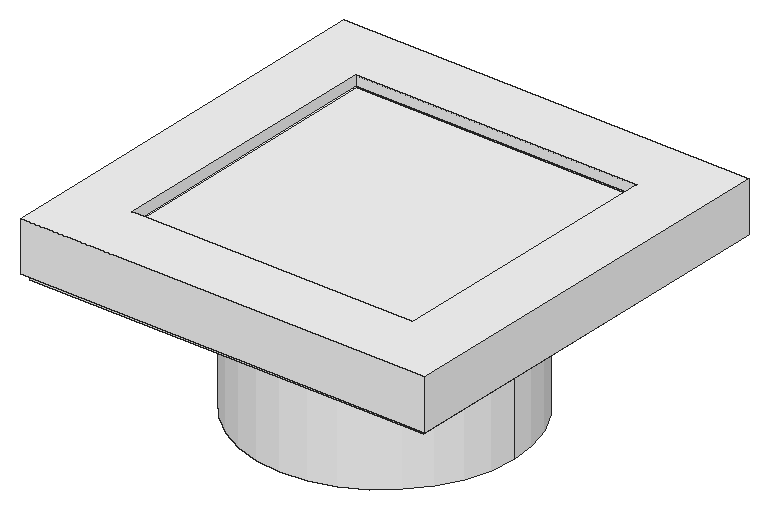
Revit family "Gira_2003100", category Electrical Fixtures, host Face, Revit 2017
Family settings
  Host = Face
  Maintain Annotation Orientation = Yes
  Round Connector Dimension = Use Diameter
  Part Type = Normal
  Cut with Voids When Loaded = No
  Shared = No
  Room Calculation Point = No
Parameters (values of type "PB sens.2 3-g 24 V zero-volt. in.sp. System 55 clear/p.white")
  With room temperature controller = "No"
  With anti-theft/dismantling protection = "No"
  With LED indication = "Yes"
  With IR sensor = "No"
  White [instance] = White
  URL = "http://katalog.gira.de/en/datenblatt.html?artikelnr=2003100"
  Transparent = "Yes"
  Other bus systems = "None"
  Number of buttons = "3"
  Number of actuation points = "6"
  Name = "PB sens.2 3-g 24 V zero-volt. in.sp. System 55 clear/p.white"
  Model = "Sys55_Komplettgerät_Schalten und Tasten"
  Manufacturer URL = "https://www.gira.de/"
  Manufacturer = "Gira"
  HeinzeBIM = "https://bimportal.heinze.de/bim/pb-sens-2-3-g-24-v-zero-volt-in-sp-system-55-clear-p-white/9cec01c1ecd9a55726c723c1dd8b215571b65fcf"
  HAN = "2003100"
  GTIN = "4010337047971"
  Description = "PB sens 2 3g 24V z-v Sys55 ClPw,Pushbutton sensor 2, 3-gang 24 V zero-voltage with inscription space,,clear + pure white glossy,Features:,Pushbutton sensor 2 for connection to 24 V control systems:,- Three rockers with two red LEDs each for status display.,- Disassembly safeguard by screw connection.,- Backlighting.,- Connection of six buttons, six LEDs, and backlighting via the terminal block on the rear.,,Notes :,- Suitable for SELV circuits only.,- Can also be connected with illumination.,- Professional labelling with the Gira Inscription Service www.marking.gira.com."
  Default Elevation = 1219.2 mm
  Data sheet (1) = "https://katalog.gira.de/en/download.html?artikelnr=2003100"
  Category = "Touch sensor for bus system"
  Bus system radio frequent = "Yes"
  Bus system Powernet = "No"
  Bus system LON = "No"
  Bus system KNX radio = "No"
  Bus system KNX = "Yes"
  Bus connection included = "No"
  BIM (1) = "https://media.stage.bim.site/public/gira/36a6b08/Sys55_Komplettgerät_Schalten und Tasten.rfa?public/gira/36a6b08/Sys55_Komplettgerät_Schalten und Tasten.rfa"
  Available = "No"
Reference planes
  plane 1 "Center (Front/Back)": y = 0
  plane 2: z = 0
  plane 3 "Center (Left/Right)": x = 0
Forms (mm)
  Extrusion 1, solid, material "White" <- "White", detail levels medium
    sketch origin (0, 0, 0) x (1, 0, 0) y (0, 1, 0)
      loop
        line (-40.4, 40.4) -> (-40.4, -40.4) -> (40.4, -40.4) -> (40.4, 40.4) -> (-40.4, 40.4)
      loop
        line (-28, 28) -> (-28, -28) -> (28, -28) -> (28, 28) -> (-28, 28)
    from 0 to 10
  Extrusion 2, solid, material "White" <- "White", detail levels fine
    sketch origin (0, 0, 0) x (1, 0, 0) y (0, 1, 0)
      loop
        line (-40.4, 40.4) -> (-40.4, -40.4) -> (40.4, -40.4) -> (40.4, 40.4) -> (-40.4, 40.4)
      loop
        line (-28, 28) -> (-28, -28) -> (28, -28) -> (28, 28) -> (-28, 28)
    from 0 to 10
  Extrusion 3, void
    sketch origin (0, 0, 0) x (1, 0, 0) y (0, 1, 0)
      loop
        line (-38.4, 38.4) -> (-38.4, -38.4) -> (38.4, -38.4) -> (38.4, 38.4) -> (-38.4, 38.4)
    from 0 to 8
  Extrusion 4, solid, material "White" <- "White", detail levels medium+fine
    sketch origin (0, 0, 0) x (1, 0, 0) y (0, 1, 0)
      loop
        line (-39.4, 39.4) -> (-39.4, -39.4) -> (39.4, -39.4) -> (39.4, 39.4) -> (-39.4, 39.4)
    from 0 to -1
  Extrusion 5, solid, material "White" <- "White", detail levels medium+fine
    sketch origin (0, 0, 0) x (1, 0, 0) y (0, 1, 0)
      loop
        line (-35.5, 35.5) -> (-35.5, -35.5) -> (35.5, -35.5) -> (35.5, 35.5) -> (-35.5, 35.5)
    from -2 to -3
  Extrusion 6, solid, material "White" <- "White", detail levels medium+fine
    sketch origin (0, 0, 0) x (1, 0, 0) y (0, 1, 0)
      loop
        circle (0, 0) r 26
    from 0 to -27.5
  Extrusion 7, solid, material "White" <- "White", detail levels coarse
    sketch origin (0, 0, 0) x (1, 0, 0) y (0, 1, 0)
      loop
        line (-40.4, 40.4) -> (-40.4, -40.4) -> (40.4, -40.4) -> (40.4, 40.4) -> (-40.4, 40.4)
    from -27.5 to 10
Cuts and joins
  Extrusion 3 cuts Extrusion 2
Dimensions and locks
  aligned and locked: plane 2 to host face
  aligned and locked: level to host face
  aligned and locked: plane 3 "Center (Left/Right)" to nested 2
  aligned and locked: plane 1 "Center (Front/Back)" to nested 2
Nested families
  nested 1: "Sys55_Abdeckung_Schalten und Tasten_floor_base" at (0, 0, 0), type "Sys55_Abdeckung_Schalten und Tasten_floor_base"
  nested 2: "Schalter" at (0, 0, 0), type "Schalter"
Connectors
  electrical at (0, 0, -27.5)
    settings: on Extrusion 6, index 1, voltage 220 V, apparent load 0 VA, apparent load phase1 0 VA, apparent load phase2 0 VA, apparent load phase3 0 VA, power factor 1, load classification "Other", number of poles 1, system type 30, power factor state 1, is connector primary yes, connector utility no, sub classification motor no, connector description ""
Definition of nested family "Sys55_Abdeckung_Schalten und Tasten_floor_base"
  Parameters
    Default Elevation = 1219.2 mm
    White [instance] = none
  Reference planes
    plane 1 "Center (Front/Back)": y = 0
    plane 2: z = 0
    plane 3 "Center (Left/Right)": x = 0
  Forms (mm)
    Extrusion 1, solid
      sketch origin (0, 0, 0) x (1, 0, 0) y (0, 1, 0)
        loop
          line (-1219.2, 1219.2) -> (-1219.2, -1219.2) -> (1219.2, -1219.2) -> (1219.2, 1219.2) -> (-1219.2, 1219.2)
      from 0 to -304.8
    Extrusion 2, solid, material <- "White", detail levels fine
      sketch origin (0, 0, 0) x (1, 0, 0) y (0, 1, 0)
        loop
          line (-27.5, 27.5) -> (-27.5, -27.5) -> (27.5, -27.5) -> (27.5, 27.5) -> (-27.5, 27.5)
      from 0 to 8
    Extrusion 3, void
      sketch origin (0, 0, 0) x (1, 0, 0) y (0, 1, 0)
        loop
          line (26, 26) -> (-26, 26) -> (-26, -26) -> (26, -26) -> (26, 26)
      from 0 to 6
    Extrusion 4, solid, material <- "White", detail levels medium
      sketch origin (0, 0, 0) x (1, 0, 0) y (0, 1, 0)
        loop
          line (-27.5, 27.5) -> (-27.5, -27.5) -> (27.5, -27.5) -> (27.5, 27.5) -> (-27.5, 27.5)
      from 0 to 8
    Extrusion 5, solid, material <- "White", detail levels medium
      sketch origin (0, 0, 0) x (1, 0, 0) y (0, 1, 0)
        loop
          line (11, -17.5) -> (11, 17.5) -> (-11, 17.5) -> (-11, -17.5) -> (11, -17.5)
      from -6 to 6
    Extrusion 6, solid, material <- "White", detail levels fine
      sketch origin (0, 0, 0) x (1, 0, 0) y (0, 1, 0)
        loop
          line (11, 17.5) -> (-11, 17.5) -> (-11, 16.5) -> (11, 16.5) -> (11, 17.5)
        loop
          line (-11, -16.5) -> (-11, -17.5) -> (11, -17.5) -> (11, -16.5) -> (-11, -16.5)
      from -4 to 6
    Extrusion 7, solid, material <- "White", detail levels fine
      sketch origin (0, 0, 0) x (1, 0, 0) y (0, 1, 0)
        loop
          arc (5, 9.347) -> (0, 10.6) -> (-5, 9.347) r 10.6
          line (-5, 9.347) -> (-5, -9.347)
          arc (-5, -9.347) -> (0, -10.6) -> (5, -9.347) r 10.6
          line (5, -9.347) -> (5, 9.347)
      from -6 to 6
    Extrusion 8, solid, material <- "White", detail levels coarse
      sketch origin (0, 0, 0) x (1, 0, 0) y (0, 1, 0)
        loop
          line (-27.5, 27.5) -> (-27.5, -27.5) -> (27.5, -27.5) -> (27.5, 27.5) -> (-27.5, 27.5)
      from -6 to 8
  Cuts and joins
    Extrusion 3 cuts Extrusion 2
  Dimensions and locks
    aligned and locked: plane 2 to Extrusion 1
    aligned and locked: level to Extrusion 1
Definition of nested family "Schalter"
  Reference planes
    plane 1: y = 0
    plane 2: x = 0
  Lines and regions (mm)
    detail lines
      curve 1: circle (1.375, 2.778, 0) r 0.8 normal (0, 0, 1)
      curve 2: line (1.021, 2.061, 0) -> (0, 0, 0)
      curve 3: line (0, 0, 0) -> (-0.538, 0.266, 0)
  Dimensions and locks
    curve 2 to curve 2 = 2.3 mm
    curve 3 to curve 2 = 0.6 mm
    radius of curve 1 = 0.8 mm
